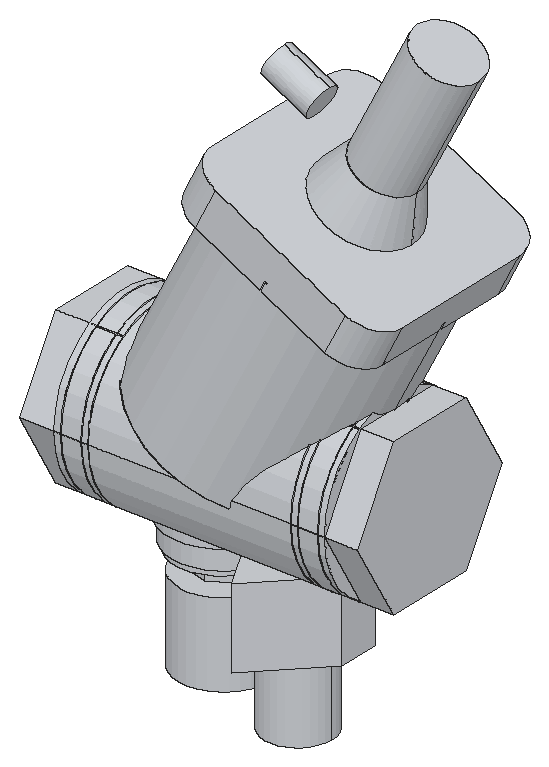
Revit family "PV_Compact_DN025L_ 20-80_FF_měř-vyp_RFA_2018", category Pipe Accessories, Revit 2018
Family settings
  Round Connector Dimension = Use Diameter
  Part Type = Valve - Breaks Into
  Work Plane-Based = No
  Always vertical = Yes
  Cut with Voids When Loaded = No
  Shared = No
Parameters (values of type "PV Compact DN25L FF s měřením a vypouštěním (20-80kPa)")
  magiProductId = "7052257d0cc94620b8f60c4ac85ccd"
  magiProductFamilyId = "88c57951ecb64b5d83dd1d4eb8fc72"
  magiPartTypeId = 304
  isMeasuringValve [instance] = no
  ang2D [instance] = 0.00°
  Z7 = 15 mm
  Z6 = 40.2 mm
  Z5 = 93.8 mm
  Z4 = 80.4 mm
  Z3 = 13.4 mm
  Z2 = 67 mm
  XR3 = 42.5 mm
  XR2 = 37.5 mm
  XR1 = 25.5 mm
  W2D = 15 mm
  VersionID = "2.0/2018.12.13.2/FRESE_PV_COMPACT_PLUG_Q13_001"
  Use Minimum Symbol Size [instance] = no
  URL = "www.hydronic.cz"
  Type Comments = "závitový s vnitřním závitem; s měřicí vsuvkou a vypouštěním; PN25; dpmax=450kPa; -10~+120°C"
  R5 = 5 mm
  R4 = 15 mm
  R3 = 10 mm
  R2 = 26.5 mm
  R1 = 31.5 mm
  QmdConnectorList = "301;D;302;D"
  Productdata [instance] = ""
  PH__ve = -PH  # -23.6 mm
  PH = 23.6 mm
  NL__ve = -NL  # -20 mm
  NL = 20 mm
  Manufacturer = "Hydronic Systems Prague s.r.o."
  MC Use Limits From Balancing Method = no
  MC Throttling Minimum Value = 0
  MC Throttling Maximum Value = 0
  MC Product Code = "53-3247 DN25; FF; nastavitelný rozsah dp=20~80kPa; Q=750~4200l/h;  kvs=8,7"
  MC Pressure Drop Minimum Value = 0.0 Pa
  MC Pressure Drop Maximum Value = 0.0 Pa
  MC Piping Given Pressure Drop [instance] = 0.0 Pa
  M5 = 40 mm
  M4 = 38 mm
  M3 = 32 mm
  M2 = 30 mm
  LP = 50 mm
  LM = 60 mm
  LL__ve = -LL  # -6.3 mm
  LLT__ve = -LLT  # -19.1 mm
  LLT = 19.1 mm
  LL2 = 38 mm
  LL = 6.3 mm
  L3 = 11 mm
  L2D_Min = 30.48 mm
  L2D = 65 mm
  Description = "Nastavitelný regulátor tlakové diference"
  DR1 = yes
  DR0 = no
  DL2 = 72 mm
  D = 25 mm
  CenSd_R2_6 = R2 * cos(30.00°)  # 22.95 mm
  CAT0 = yes
  C0D1 = yes
  C0D0 = no
Types (10, lengths in mm): name | magiProductId | Z6 | Z5 | Z4 | Z3 | Z2 | XR3 | XR2 | XR1 | R2 | R1 | PH__ve | PH | NL__ve | NL | MC Product Code | M5 | M4 | M3 | M2 | LP | LM | LL__ve | LLT__ve | LLT | LL2 | LL | L3 | DL2 | D | CenSd_R2_6
  PV Compact DN15 FF s měřením a vypouštěním (20-60kPa) | "ebd4dd38c61a47e78db1b31e427098" | 24.6 | 57.4 | 49.2 | 8.2 | 41 | 30 | 25 | 13 | 14 | 19 | -22.4 | 22.4 | -15 | 15 | "53-3243 DN15; FF; nastavitelný rozsah dp=20~60kPa; Q=100~1000l/h;  kvs=2,9" | 32.5 | 30.5 | 24.5 | 22.5 | 37.5 | 45 | -5.7 | -14.9 | 14.9 | 32 | 5.7 | 11 | 66 | 15 | 12.124
  PV Compact DN15 FF s měřením a vypouštěním ( 5-30kPa) | "1e13aaf8f1b54965adca1ab26bd771" | 24.6 | 57.4 | 49.2 | 8.2 | 41 | 30 | 25 | 13 | 14 | 19 | -22.4 | 22.4 | -15 | 15 | "53-3242 DN15; FF; nastavitelný rozsah dp=5~30kPa; Q=50~600l/h;  kvs=2,9" | 32.5 | 30.5 | 24.5 | 22.5 | 37.5 | 45 | -5.7 | -14.9 | 14.9 | 32 | 5.7 | 11 | 66 | 15 | 12.124
  PV Compact DN20 FF s měřením a vypouštěním (20-60kPa) | "6d4e29c475624129ae1d8630218e83" | 24.6 | 57.4 | 49.2 | 8.2 | 41 | 30 | 25 | 13 | 14 | 19 | -22.4 | 22.4 | -15.8 | 15.8 | "53-3245 DN20; FF; nastavitelný rozsah dp=20~60kPa; Q=150~2000l/h;  kvs=3,5" | 33.7 | 31.7 | 25.7 | 23.7 | 39.5 | 47.4 | -5.7 | -14.9 | 14.9 | 32 | 5.7 | 11 | 66 | 20 | 12.124
  PV Compact DN20 FF s měřením a vypouštěním ( 5-30kPa) | "3c7d936801344d2a9486b3d5f20c15" | 24.6 | 57.4 | 49.2 | 8.2 | 41 | 30 | 25 | 13 | 14 | 19 | -22.4 | 22.4 | -15.8 | 15.8 | "53-3244 DN20; FF; nastavitelný rozsah dp=5~30kPa; Q=100~1000l/h;  kvs=3,5" | 33.7 | 31.7 | 25.7 | 23.7 | 39.5 | 47.4 | -5.7 | -14.9 | 14.9 | 32 | 5.7 | 11 | 66 | 20 | 12.124
  PV Compact DN25 FF s měřením a vypouštěním ( 5-30kPa) | "40b783a088714ff8af367f7ba18a04" | 25.5 | 59.5 | 51 | 8.5 | 42.5 | 30 | 25 | 13 | 14 | 19 | -22.8 | 22.8 | -16.6 | 16.6 | "53-3251 DN25; FF; nastavitelný rozsah dp=5~30kPa; Q=600~2100l/h;  kvs=4,0" | 34.9 | 32.9 | 26.9 | 24.9 | 41.5 | 49.8 | -5.9 | -16.3 | 16.3 | 34 | 5.9 | 11 | 68 | 25 | 12.124
  PV Compact DN25L FF s měřením a vypouštěním (20-80kPa) | "7052257d0cc94620b8f60c4ac85ccd" | 40.2 | 93.8 | 80.4 | 13.4 | 67 | 42.5 | 37.5 | 25.5 | 26.5 | 31.5 | -23.6 | 23.6 | -20 | 20 | "53-3247 DN25; FF; nastavitelný rozsah dp=20~80kPa; Q=750~4200l/h;  kvs=8,7" | 40 | 38 | 32 | 30 | 50 | 60 | -6.3 | -19.1 | 19.1 | 38 | 6.3 | 11 | 72 | 25 | 22.95
  PV Compact DN25L FF s měřením a vypouštěním ( 5-30kPa) | "006ff7ff77e34fd39e52f3f4c37192" | 40.2 | 93.8 | 80.4 | 13.4 | 67 | 42.5 | 37.5 | 25.5 | 26.5 | 31.5 | -23.6 | 23.6 | -20 | 20 | "53-3246 DN25L; FF; nastavitelný rozsah dp=5~30kPa; Q=600~2500l/h;  kvs=8,7" | 40 | 38 | 32 | 30 | 50 | 60 | -6.3 | -19.1 | 19.1 | 38 | 6.3 | 11 | 72 | 25 | 22.95
  PV Compact DN32 FF s měřením a vypouštěním (20-80kPa) | "e53839f5e58040c69ad69dcf8b7122" | 40.2 | 93.8 | 80.4 | 13.4 | 67 | 42.5 | 37.5 | 25.5 | 26.5 | 31.5 | -24.6 | 24.6 | -20.8 | 20.8 | "53-3248 DN32; FF; nastavitelný rozsah dp=20~80kPa; Q=1000~5000l/h;  kvs=10,1" | 41.2 | 39.2 | 33.2 | 31.2 | 52 | 62.4 | -6.8 | -22.6 | 22.6 | 43 | 6.8 | 25 | 77 | 32 | 22.95
  PV Compact DN40 FF s měřením a vypouštěním (20-80kPa) | "edae53f0ee9843aa9c005a0dbc2db4" | 46.8 | 109.2 | 93.6 | 15.6 | 78 | 42.5 | 37.5 | 25.5 | 26.5 | 31.5 | -25.2 | 25.2 | -27.6 | 27.6 | "53-3249 DN40; FF; nastavitelný rozsah dp=20~80kPa; Q=3000~8000l/h;  kvs=15,8" | 51.4 | 49.4 | 43.4 | 41.4 | 69 | 82.8 | -7.1 | -24.7 | 24.7 | 46 | 7.1 | 25 | 80 | 40 | 22.95
  PV Compact DN50 FF s měřením a vypouštěním (20-80kPa) | "7572286e99104aaeaae4a504f9a6dd" | 46.8 | 109.2 | 93.6 | 15.6 | 78 | 42.5 | 37.5 | 25.5 | 35.25 | 31.5 | -26.4 | 26.4 | -27.6 | 27.6 | "53-3250 DN50; FF; nastavitelný rozsah dp=20~80kPa; Q=5000~11500l/h;  kvs=16,2" | 51.4 | 49.4 | 43.4 | 41.4 | 69 | 82.8 | -7.7 | -28.9 | 28.9 | 52 | 7.7 | 25 | 86 | 50 | 30.527
Reference planes
  plane 1 "Center (Front/Back)": y = 0
  plane 2 "XYPLANE": z = 0
  plane 3 "Center (Left/Right)": x = 0
  plane 4 "408": x = 50
  plane 5 "407": x = -50
  plane 6 "402": z = -72
  plane 7 "213": x = 11
  plane 8 "168": z = -15.1
  plane 9 "167": z = -17.1
  plane 10 "166": z = -23.4
  plane 11 "165": z = -29.7
  plane 12 "164": z = -31.7
  plane 13 "154": z = 0
  plane 14 "152": y = 0
  plane 15 "151": z = -38
  plane 16 "150": x = -11
  plane 17 "75": through (307.08, 0, 685.28) normal (0.891, 0, -0.454)
  plane 18 "74": x = 40
  plane 19 "73": x = 38
  plane 20 "72": x = 32
  plane 21 "71": x = 30
  plane 22 "70": x = -40
  plane 23 "69": x = -38
  plane 24 "68": x = -32
  plane 25 "67": y = 0
  plane 26 "66": through (-666.893, 0, 343.166) normal (0.454, 0, 0.891)
  plane 27 "65": x = -30
  plane 28 "64": through (335.147, 0, 670.979) normal (0.891, 0, -0.454)
  plane 29 "63": through (-637.838, 0, 400.19) normal (0.454, 0, 0.891)
  plane 30 "62": through (363.214, 0, 656.678) normal (0.891, 0, -0.454)
  plane 31 "61": y = 31.5
  plane 32 "60": y = -31.5
  plane 33 "59": through (-631.754, 0, 412.13) normal (0.454, 0, 0.891)
  plane 34 "58": through (-625.671, 0, 424.069) normal (0.454, 0, 0.891)
  plane 35 "57": through (302.625, 0, 687.549) normal (0.891, 0, -0.454)
  plane 36 "56": x = 0
  plane 37 "55": through (-668.255, 0, 340.493) normal (0.454, 0, 0.891)
  plane 38 "102XY": through (-668.255, 0, 340.493) normal (0.454, 0, 0.891)
  plane 39 "102XZ": y = 0
  plane 40 "102YZ": through (340.493, 0, 668.255) normal (0.891, 0, -0.454)
Forms (mm)
  Extrusion 1, solid
    sketch origin (50, -750, 0) x (0, 1, 0) y (0, 0, 1)
      loop
        line (776.5, 0) -> (763.25, 22.95) -> (736.75, 22.95) -> (723.5, 0) -> (736.75, -22.95) -> (763.25, -22.95) -> (776.5, 0)
    from 0 to -20 <- "NL__ve"
  Extrusion 2, solid
    sketch origin (-50, -750, 0) x (0, 1, 0) y (0, 0, 1)
      loop
        line (723.5, 0) -> (736.75, -22.95) -> (763.25, -22.95) -> (776.5, 0) -> (763.25, 22.95) -> (736.75, 22.95) -> (723.5, 0)
    from 0 to 20 <- "NL"
  Extrusion 3, solid, visible <- "C0D1"
    sketch origin (-750, 0, -72) x (1, 0, 0) y (0, 1, 0)
      loop
        circle (761, 0) r 10
    from 0 to 50
  Extrusion 4, solid, visible <- "DR1"
    sketch origin (-750, 0, -23.4) x (1, 0, 0) y (0, 1, 0)
      loop
        line (761, -24.5) -> (778.892, -6) -> (778.892, 6) -> (761, 24.5) -> (750.608, 6) -> (750.608, -6) -> (761, -24.5)
    from 0 to -23.6 <- "PH__ve"
  Extrusion 5, solid, visible <- "DR1"
    sketch origin (-750, 0, -23.4) x (1, 0, 0) y (0, 1, 0)
      loop
        circle (761, 0) r 10
    from 0 to 6.3 <- "LL"
  Blend 6, solid, visible <- "DR1"
    base sketch origin (-750, 0, -15.1) x (1, 0, 0) y (0, 1, 0)
      loop
        circle (761, 0) r 7.5
    top sketch origin (-750, 0, -15.1) x (1, 0, 0) y (0, 1, 0)
      loop
        circle (761, 0) r 10
    from 0 to -2
  Extrusion 7, solid, visible <- "DR1"
    sketch origin (-750, 0, 0) x (1, 0, 0) y (0, 1, 0)
      loop
        circle (761, 0) r 7.5
    from 0 to -19.1 <- "LLT__ve"
  Extrusion 8, solid, visible <- "C0D0"
    sketch origin (-750, 0, -38) x (1, 0, 0) y (0, 1, 0)
      loop
        circle (761, 0) r 6
    from 0 to -25
  Extrusion 9, solid, visible <- "DR0"
    sketch origin (-750, 0, -31.7) x (1, 0, 0) y (0, 1, 0)
      loop
        line (761, -7) -> (774.562, -3.5) -> (774.562, 3.5) -> (761, 7) -> (754.938, 3.5) -> (754.938, -3.5) -> (761, -7)
    from 0 to -6.3 <- "LL__ve"
  Extrusion 10, solid, visible <- "DR0"
    sketch origin (-750, 0, -31.7) x (1, 0, 0) y (0, 1, 0)
      loop
        circle (761, 0) r 7
    from 0 to 2
  Extrusion 11, solid, visible <- "DR0"
    sketch origin (-750, 0, -23.4) x (1, 0, 0) y (0, 1, 0)
      loop
        circle (761, 0) r 9
    from 0 to 6.3 <- "LL"
  Blend 12, solid, visible <- "DR0"
    base sketch origin (-750, 0, -15.1) x (1, 0, 0) y (0, 1, 0)
      loop
        circle (761, 0) r 6.5
    top sketch origin (-750, 0, -15.1) x (1, 0, 0) y (0, 1, 0)
      loop
        circle (761, 0) r 9
    from 0 to -2
  Extrusion 13, solid, visible <- "DR0"
    sketch origin (-750, 0, 0) x (1, 0, 0) y (0, 1, 0)
      loop
        circle (761, 0) r 6.5
    from 0 to -19.1 <- "LLT__ve"
  Extrusion 14, solid, visible <- "DR0"
    sketch origin (-750, 0, 0) x (1, 0, 0) y (0, 1, 0)
      loop
        circle (761, 0) r 6.5
    from 0 to -19.1 <- "LLT__ve"
  Blend 15, solid, visible <- "DR0"
    base sketch origin (-750, 0, -15.1) x (1, 0, 0) y (0, 1, 0)
      loop
        circle (761, 0) r 6.5
    top sketch origin (-750, 0, -15.1) x (1, 0, 0) y (0, 1, 0)
      loop
        circle (761, 0) r 9
    from 0 to -2
  Extrusion 16, solid, visible <- "DR0"
    sketch origin (-750, 0, -23.4) x (1, 0, 0) y (0, 1, 0)
      loop
        circle (761, 0) r 9
    from 0 to 6.3 <- "LL"
  Extrusion 17, solid, visible <- "DR0"
    sketch origin (-750, 0, -29.7) x (1, 0, 0) y (0, 1, 0)
      loop
        circle (761, 0) r 8
    from 0 to 6.3 <- "LL"
  Extrusion 18, solid, visible <- "DR0"
    sketch origin (-750, 0, -31.7) x (1, 0, 0) y (0, 1, 0)
      loop
        circle (761, 0) r 7
    from 0 to 2
  Extrusion 19, solid, visible <- "DR0"
    sketch origin (-750, 0, -31.7) x (1, 0, 0) y (0, 1, 0)
      loop
        line (761, -7) -> (774.562, -3.5) -> (774.562, 3.5) -> (761, 7) -> (754.938, 3.5) -> (754.938, -3.5) -> (761, -7)
    from 0 to -6.3 <- "LL__ve"
  Extrusion 20, solid, visible <- "C0D0"
    sketch origin (-750, 0, -38) x (1, 0, 0) y (0, 1, 0)
      loop
        circle (761, 0) r 6
    from 0 to -25
  Extrusion 21, solid, visible <- "CAT0"
    sketch origin (-750, 0, -38) x (1, 0, 0) y (0, 1, 0)
      loop
        circle (739, 0) r 13.5
    from 0 to -25
  Extrusion 22, solid
    sketch origin (-750, 0, -31.7) x (1, 0, 0) y (0, 1, 0)
      loop
        line (739, -7) -> (745.062, -3.5) -> (745.062, 3.5) -> (739, 7) -> (725.438, 3.5) -> (725.438, -3.5) -> (739, -7)
    from 0 to -6.3 <- "LL__ve"
  Extrusion 23, solid
    sketch origin (-750, 0, -31.7) x (1, 0, 0) y (0, 1, 0)
      loop
        circle (739, 0) r 14.5
    from 0 to 2
  Extrusion 24, solid
    sketch origin (-750, 0, -29.7) x (1, 0, 0) y (0, 1, 0)
      loop
        circle (739, 0) r 15.5
    from 0 to 6.3 <- "LL"
  Extrusion 25, solid
    sketch origin (-750, 0, -23.4) x (1, 0, 0) y (0, 1, 0)
      loop
        circle (739, 0) r 16.5
    from 0 to 6.3 <- "LL"
  Blend 26, solid
    base sketch origin (-750, 0, -15.1) x (1, 0, 0) y (0, 1, 0)
      loop
        circle (739, 0) r 14
    top sketch origin (-750, 0, -15.1) x (1, 0, 0) y (0, 1, 0)
      loop
        circle (739, 0) r 16.5
    from 0 to -2
  Extrusion 27, solid
    sketch origin (-750, 0, 0) x (1, 0, 0) y (0, 1, 0)
      loop
        circle (739, 0) r 14
    from 0 to -19.1 <- "LLT__ve"
  Blend 28, solid, visible <- "CAT0"
    base sketch origin (38, -750, 0) x (0, 1, 0) y (0, 0, 1)
      loop
        circle (750, 0) r 26.5
    top sketch origin (38, -750, 0) x (0, 1, 0) y (0, 0, 1)
      loop
        circle (750, 0) r 26.5
    from 0 to 2
  Extrusion 29, solid, visible <- "CAT0"
    sketch origin (32, -750, 0) x (0, 1, 0) y (0, 0, 1)
      loop
        circle (750, 0) r 26.5
    from 0 to 6
  Blend 30, solid, visible <- "CAT0"
    base sketch origin (30, -750, 0) x (0, 1, 0) y (0, 0, 1)
      loop
        circle (750, 0) r 26.5
    top sketch origin (30, -750, 0) x (0, 1, 0) y (0, 0, 1)
      loop
        circle (750, 0) r 26.5
    from 0 to 2
  Blend 31, solid, visible <- "CAT0"
    base sketch origin (-38, -750, 0) x (0, 1, 0) y (0, 0, 1)
      loop
        circle (750, 0) r 26.5
    top sketch origin (-38, -750, 0) x (0, 1, 0) y (0, 0, 1)
      loop
        circle (750, 0) r 26.5
    from 0 to -2
  Extrusion 32, solid, visible <- "CAT0"
    sketch origin (-38, -750, 0) x (0, 1, 0) y (0, 0, 1)
      loop
        circle (750, 0) r 26.5
    from 0 to 6
  Blend 33, solid, visible <- "CAT0"
    base sketch origin (-32, -750, 0) x (0, 1, 0) y (0, 0, 1)
      loop
        circle (750, 0) r 26.5
    top sketch origin (-32, -750, 0) x (0, 1, 0) y (0, 0, 1)
      loop
        circle (750, 0) r 26.5
    from 0 to 2
  Extrusion 34, solid, visible <- "CAT0"
    sketch origin (-30, -750, 0) x (0, 1, 0) y (0, 0, 1)
      loop
        circle (750, 0) r 26.5
    from 0 to 60 <- "LM"
  Extrusion 35, solid, visible <- "CAT0"
    sketch origin (-666.893, 0, 343.166) x (0.891007, 0, -0.45399) y (0, 1, 0)
      loop
        circle (744, 0) r 31.5
    from 0 to 67 <- "Z2"
  Extrusion 36, solid, visible <- "CAT0"
    sketch origin (-637.838, 0, 400.19) x (0.891007, 0, -0.45399) y (0, 1, 0)
      loop
        arc (722.5, 31.5) -> (715.429, 28.571) -> (712.5, 21.5) r 10
        line (712.5, 21.5) -> (712.5, -21.5)
        arc (712.5, -21.5) -> (715.429, -28.571) -> (722.5, -31.5) r 10
        line (722.5, -31.5) -> (765.5, -31.5)
        arc (765.5, -31.5) -> (772.571, -28.571) -> (775.5, -21.5) r 10
        line (775.5, -21.5) -> (775.5, 21.5)
        arc (775.5, 21.5) -> (772.571, 28.571) -> (765.5, 31.5) r 10
        line (765.5, 31.5) -> (722.5, 31.5)
    from 0 to 13.4 <- "Z3"
  Blend 37, solid, visible <- "CAT0"
    base sketch origin (-631.754, 0, 412.13) x (0.891007, 0, -0.45399) y (0, 1, 0)
      loop
        circle (744, 0) r 15
    top sketch origin (-631.754, 0, 412.13) x (0.891007, 0, -0.45399) y (0, 1, 0)
      loop
        circle (744, 0) r 10
    from 0 to 13.4
  Extrusion 38, solid, visible <- "CAT0"
    sketch origin (-625.671, 0, 424.069) x (0.891007, 0, -0.45399) y (0, 1, 0)
      loop
        circle (744, 0) r 10
    from 0 to 40.2 <- "Z6"
  Extrusion 39, solid, visible <- "CAT0"
    sketch origin (302.625, 0, 687.549) x (-0.45399, 0, -0.891007) y (0, 1, 0)
      loop
        circle (656.2, 0) r 5
    from 0 to 15 <- "Z7"
  Blend 40, solid, visible <- "CAT0"
    base sketch origin (-668.255, 0, 340.493) x (0.891007, 0, -0.45399) y (0, 1, 0)
      loop
        circle (744, 0) r 27.5
    top sketch origin (-668.255, 0, 340.493) x (0.891007, 0, -0.45399) y (0, 1, 0)
      loop
        circle (744, 0) r 31.5
    from 0 to 3
  Extrusion 41, solid, not visible
    sketch origin (-40, -750, 0) x (0, 1, 0) y (0, 0, 1)
      loop
        circle (750, 0) r 22.5
    from 0 to 10
  Extrusion 42, solid, not visible
    sketch origin (40, -750, 0) x (0, 1, 0) y (0, 0, 1)
      loop
        circle (750, 0) r 22.5
    from 0 to -10
Lines and regions (mm)
  reference lines, not visible
    curve 1: circle (2, 2, 0) r 1 normal (0, 0, 1)
  reference lines
    curve 2: line (50, 0, 0) -> (50, -3.5, 6.062)
    curve 3: line (50, 0, 0) -> (50, -7, 0)
    curve 4: line (50, 0, 0) -> (50, -3.5, -6.062)
    curve 5: line (-50, 0, 0) -> (-50, 3.5, 6.062)
    curve 6: line (-50, 0, 0) -> (-50, 7, 0)
    curve 7: line (-50, 0, 0) -> (-50, 3.5, -6.062)
Dimensions and locks
  plane 1 "Center (Front/Back)" to curve 1 = 2 mm
  "LP": plane 36 "56" to plane 4 "408"
  "LP": plane 36 "56" to plane 5 "407"
  "DL2": plane 2 "XYPLANE" to plane 6 "402"
  "L3": plane 3 "Center (Left/Right)" to plane 7 "213"
  locked: plane 9 "167" to plane 8 "168" at 2
  "LL": plane 10 "166" to plane 9 "167"
  "LL": plane 11 "165" to plane 10 "166"
  locked: plane 12 "164" to plane 11 "165" at 2
  "LL": plane 15 "151" to plane 12 "164"
  locked: plane 2 "XYPLANE" to plane 13 "154"
  locked: plane 1 "Center (Front/Back)" to plane 14 "152"
  "LL2": plane 2 "XYPLANE" to plane 15 "151"
  "L3": plane 3 "Center (Left/Right)" to plane 16 "150"
  "XR2": plane 40 "102YZ" to plane 17 "75"
  "M5": plane 3 "Center (Left/Right)" to plane 18 "74"
  "M4": plane 3 "Center (Left/Right)" to plane 19 "73"
  "M3": plane 3 "Center (Left/Right)" to plane 20 "72"
  "M2": plane 3 "Center (Left/Right)" to plane 21 "71"
  "M5": plane 3 "Center (Left/Right)" to plane 22 "70"
  "M4": plane 3 "Center (Left/Right)" to plane 23 "69"
  "M3": plane 3 "Center (Left/Right)" to plane 24 "68"
  locked: plane 14 "152" to plane 25 "67"
  locked: plane 38 "102XY" to plane 26 "66" at 3
  "M2": plane 3 "Center (Left/Right)" to plane 27 "65"
  locked: plane 40 "102YZ" to plane 28 "64" at 6
  "Z2": plane 38 "102XY" to plane 29 "63"
  "XR1": plane 40 "102YZ" to plane 30 "62"
  "R1": plane 14 "152" to plane 31 "61"
  "R1": plane 14 "152" to plane 32 "60"
  "Z4": plane 38 "102XY" to plane 33 "59"
  "Z5": plane 38 "102XY" to plane 34 "58"
  "XR3": plane 40 "102YZ" to plane 35 "57"
  locked: plane 3 "Center (Left/Right)" to plane 36 "56"
  locked: plane 38 "102XY" to plane 37 "55"
  "CenSd_R2_6": curve 2 to Extrusion 1 sketch curve  (x2)
  "CenSd_R2_6": curve 3 to Extrusion 1 sketch curve  (x2)
  "CenSd_R2_6": curve 4 to Extrusion 1 sketch curve  (x2)
  Extrusion 1 sketch curve to Extrusion 1 sketch curve = 0 mm  (x12)
  "CenSd_R2_6": curve 5 to Extrusion 2 sketch curve  (x2)
  "CenSd_R2_6": curve 6 to Extrusion 2 sketch curve  (x2)
  "CenSd_R2_6": curve 7 to Extrusion 2 sketch curve  (x2)
  Extrusion 2 sketch curve to Extrusion 2 sketch curve = 0 mm  (x12)
  Extrusion 4 sketch curve to Extrusion 4 sketch curve = 0 mm  (x12)
  Extrusion 9 sketch curve to Extrusion 9 sketch curve = 0 mm  (x12)
  Extrusion 19 sketch curve to Extrusion 19 sketch curve = 0 mm  (x12)
  Extrusion 22 sketch curve to Extrusion 22 sketch curve = 0 mm  (x12)
  Extrusion 36 sketch curve to Extrusion 36 sketch curve = 0 mm  (x16)
  "R2": radius of Blend 28 sketch curve  (x2)
  "R2": radius of Extrusion 29 sketch curve
  "R2": radius of Blend 30 sketch curve  (x2)
  "R2": radius of Blend 31 sketch curve  (x2)
  "R2": radius of Extrusion 32 sketch curve
  "R2": radius of Blend 33 sketch curve  (x2)
  "R2": radius of Extrusion 34 sketch curve
  "R1": radius of Extrusion 35 sketch curve
  radius of Extrusion 36 sketch curve = 10 mm  (x4)
  "R3": radius of Blend 37 sketch curve
  "R4": radius of Blend 37 sketch curve
  "R3": radius of Extrusion 38 sketch curve
  "R5": radius of Extrusion 39 sketch curve
  "R1": radius of Blend 40 sketch curve
  locked: curve 3 to curve 2 (angle 60.00°)
  locked: curve 4 to curve 3 (angle 60.00°)
  locked: curve 4 to curve 2 (angle 120.00°)
  locked: curve 6 to curve 5 (angle 60.00°)
  locked: curve 7 to curve 6 (angle 60.00°)
  locked: curve 7 to curve 5 (angle 120.00°)
  aligned and locked: level to plane 2 "XYPLANE"
  aligned and locked: plane 13 "154" to curve 4
  aligned and locked: curve 4 to plane 14 "152"
  aligned and locked: plane 13 "154" to curve 7
  aligned and locked: curve 7 to plane 14 "152"
  aligned and locked: plane 7 "213" to Extrusion 3 sketch curve
  aligned and locked: plane 14 "152" to Extrusion 3 sketch curve
  aligned and locked: plane 7 "213" to Extrusion 5 sketch curve
  aligned and locked: plane 14 "152" to Extrusion 5 sketch curve
  aligned and locked: plane 7 "213" to Blend 6 sketch curve  (x2)
  aligned and locked: plane 14 "152" to Blend 6 sketch curve  (x2)
  aligned and locked: Blend 6 to plane 9 "167"
  aligned and locked: plane 7 "213" to Extrusion 7 sketch curve
  aligned and locked: plane 14 "152" to Extrusion 7 sketch curve
  aligned and locked: plane 7 "213" to Extrusion 8 sketch curve
  aligned and locked: plane 14 "152" to Extrusion 8 sketch curve
  aligned and locked: plane 7 "213" to Extrusion 10 sketch curve
  aligned and locked: plane 14 "152" to Extrusion 10 sketch curve
  aligned and locked: plane 7 "213" to Extrusion 11 sketch curve
  aligned and locked: plane 14 "152" to Extrusion 11 sketch curve
  aligned and locked: plane 7 "213" to Blend 12 sketch curve  (x2)
  aligned and locked: plane 14 "152" to Blend 12 sketch curve  (x2)
  aligned and locked: Blend 12 to plane 9 "167"
  aligned and locked: plane 7 "213" to Extrusion 13 sketch curve
  aligned and locked: plane 14 "152" to Extrusion 13 sketch curve
  aligned and locked: plane 7 "213" to Extrusion 14 sketch curve
  aligned and locked: plane 14 "152" to Extrusion 14 sketch curve
  aligned and locked: plane 7 "213" to Blend 15 sketch curve  (x2)
  aligned and locked: plane 14 "152" to Blend 15 sketch curve  (x2)
  aligned and locked: Blend 15 to plane 9 "167"
  aligned and locked: plane 7 "213" to Extrusion 16 sketch curve
  aligned and locked: plane 14 "152" to Extrusion 16 sketch curve
  aligned and locked: plane 7 "213" to Extrusion 17 sketch curve
  aligned and locked: plane 14 "152" to Extrusion 17 sketch curve
  aligned and locked: plane 7 "213" to Extrusion 18 sketch curve
  aligned and locked: plane 14 "152" to Extrusion 18 sketch curve
  aligned and locked: plane 7 "213" to Extrusion 20 sketch curve
  aligned and locked: plane 14 "152" to Extrusion 20 sketch curve
  aligned and locked: plane 14 "152" to Extrusion 21 sketch curve
  aligned and locked: plane 16 "150" to Extrusion 21 sketch curve
  aligned and locked: plane 14 "152" to Extrusion 23 sketch curve
  aligned and locked: plane 16 "150" to Extrusion 23 sketch curve
  aligned and locked: plane 14 "152" to Extrusion 24 sketch curve
  aligned and locked: plane 16 "150" to Extrusion 24 sketch curve
  aligned and locked: plane 14 "152" to Extrusion 25 sketch curve
  aligned and locked: plane 16 "150" to Extrusion 25 sketch curve
  aligned and locked: plane 14 "152" to Blend 26 sketch curve  (x2)
  aligned and locked: plane 16 "150" to Blend 26 sketch curve  (x2)
  aligned and locked: Blend 26 to plane 9 "167"
  aligned and locked: plane 14 "152" to Extrusion 27 sketch curve
  aligned and locked: plane 16 "150" to Extrusion 27 sketch curve
  aligned and locked: plane 13 "154" to Blend 28 sketch curve  (x2)
  aligned and locked: Blend 28 sketch curve to plane 14 "152"  (x2)
  aligned and locked: plane 18 "74" to Blend 28
  aligned and locked: plane 13 "154" to Extrusion 29 sketch curve
  aligned and locked: Extrusion 29 sketch curve to plane 14 "152"
  aligned and locked: plane 13 "154" to Blend 30 sketch curve  (x2)
  aligned and locked: Blend 30 sketch curve to plane 14 "152"  (x2)
  aligned and locked: plane 20 "72" to Blend 30
  aligned and locked: plane 13 "154" to Blend 31 sketch curve  (x2)
  aligned and locked: Blend 31 sketch curve to plane 14 "152"  (x2)
  aligned and locked: Blend 31 to plane 22 "70"
  aligned and locked: plane 13 "154" to Extrusion 32 sketch curve
  aligned and locked: Extrusion 32 sketch curve to plane 14 "152"
  aligned and locked: plane 13 "154" to Blend 33 sketch curve  (x2)
  aligned and locked: Blend 33 sketch curve to plane 14 "152"  (x2)
  aligned and locked: plane 27 "65" to Blend 33
  aligned and locked: plane 13 "154" to Extrusion 34 sketch curve
  aligned and locked: Extrusion 34 sketch curve to plane 14 "152"
  aligned and locked: plane 25 "67" to Extrusion 35 sketch curve
  aligned and locked: Extrusion 35 sketch curve to plane 28 "64"
  aligned and locked: Extrusion 36 sketch curve to plane 17 "75"
  aligned and locked: Extrusion 36 sketch curve to plane 32 "60"
  aligned and locked: Extrusion 36 sketch curve to plane 30 "62"
  aligned and locked: plane 31 "61" to Extrusion 36 sketch curve
  aligned and locked: plane 25 "67" to Blend 37 sketch curve  (x2)
  aligned and locked: Blend 37 sketch curve to plane 28 "64"  (x2)
  aligned and locked: plane 34 "58" to Blend 37
  aligned and locked: plane 25 "67" to Extrusion 38 sketch curve
  aligned and locked: Extrusion 38 sketch curve to plane 28 "64"
  aligned and locked: plane 25 "67" to Extrusion 39 sketch curve
  aligned and locked: plane 34 "58" to Extrusion 39 sketch curve
  aligned and locked: plane 25 "67" to Blend 40 sketch curve  (x2)
  aligned and locked: Blend 40 sketch curve to plane 28 "64"  (x2)
  aligned and locked: plane 26 "66" to Blend 40
  aligned and locked: plane 13 "154" to Extrusion 41 sketch curve
  aligned and locked: Extrusion 41 sketch curve to plane 14 "152"
  aligned and locked: plane 13 "154" to Extrusion 42 sketch curve
  aligned and locked: Extrusion 42 sketch curve to plane 14 "152"
Automatic sketch dimensions
  plane 3 "Center (Left/Right)" to Extrusion 3 sketch curve = 1 mm
  Extrusion 4 sketch curve to plane 7 "213" = 0 mm  (x2)
  plane 3 "Center (Left/Right)" to Extrusion 4 sketch curve = 0.608 mm
  Extrusion 4 sketch curve to plane 21 "71" = 1.108 mm
  plane 32 "60" to Extrusion 4 sketch curve = 7 mm
  plane 1 "Center (Front/Back)" to Extrusion 4 sketch curve = 6 mm  (x2)
  Extrusion 4 sketch curve to plane 1 "Center (Front/Back)" = 6 mm  (x2)
  Extrusion 4 sketch curve to plane 31 "61" = 7 mm
  plane 3 "Center (Left/Right)" to Extrusion 5 sketch curve = 1 mm
  plane 3 "Center (Left/Right)" to Blend 6 sketch curve = 3.5 mm
  plane 3 "Center (Left/Right)" to Blend 6 sketch curve = 1 mm
  plane 3 "Center (Left/Right)" to Extrusion 7 sketch curve = 3.5 mm
  plane 3 "Center (Left/Right)" to Extrusion 8 sketch curve = 5 mm
  Extrusion 9 sketch curve to plane 7 "213" = 0 mm  (x2)
  plane 3 "Center (Left/Right)" to Extrusion 9 sketch curve = 4.938 mm
  Extrusion 9 sketch curve to plane 21 "71" = 5.438 mm
  plane 1 "Center (Front/Back)" to Extrusion 9 sketch curve = 7 mm
  plane 1 "Center (Front/Back)" to Extrusion 9 sketch curve = 3.5 mm  (x2)
  Extrusion 9 sketch curve to plane 1 "Center (Front/Back)" = 3.5 mm  (x2)
  Extrusion 9 sketch curve to Extrusion 9 sketch curve = 3.5 mm
  plane 3 "Center (Left/Right)" to Extrusion 10 sketch curve = 4 mm
  plane 3 "Center (Left/Right)" to Extrusion 11 sketch curve = 2 mm
  plane 3 "Center (Left/Right)" to Blend 12 sketch curve = 4.5 mm
  plane 3 "Center (Left/Right)" to Blend 12 sketch curve = 2 mm
  plane 3 "Center (Left/Right)" to Extrusion 13 sketch curve = 4.5 mm
  plane 3 "Center (Left/Right)" to Extrusion 14 sketch curve = 4.5 mm
  plane 3 "Center (Left/Right)" to Blend 15 sketch curve = 4.5 mm
  plane 3 "Center (Left/Right)" to Blend 15 sketch curve = 2 mm
  plane 3 "Center (Left/Right)" to Extrusion 16 sketch curve = 2 mm
  plane 3 "Center (Left/Right)" to Extrusion 17 sketch curve = 3 mm
  plane 3 "Center (Left/Right)" to Extrusion 18 sketch curve = 4 mm
  Extrusion 19 sketch curve to plane 7 "213" = 0 mm  (x2)
  plane 3 "Center (Left/Right)" to Extrusion 19 sketch curve = 4.938 mm
  Extrusion 19 sketch curve to plane 21 "71" = 5.438 mm
  plane 1 "Center (Front/Back)" to Extrusion 19 sketch curve = 7 mm
  plane 1 "Center (Front/Back)" to Extrusion 19 sketch curve = 3.5 mm  (x2)
  Extrusion 19 sketch curve to plane 1 "Center (Front/Back)" = 3.5 mm  (x2)
  Extrusion 19 sketch curve to Extrusion 19 sketch curve = 3.5 mm
  plane 3 "Center (Left/Right)" to Extrusion 20 sketch curve = 5 mm
  plane 27 "65" to Extrusion 21 sketch curve = 5.5 mm
  Extrusion 22 sketch curve to plane 16 "150" = 0 mm  (x2)
  plane 27 "65" to Extrusion 22 sketch curve = 5.438 mm
  Extrusion 22 sketch curve to plane 3 "Center (Left/Right)" = 4.938 mm
  plane 1 "Center (Front/Back)" to Extrusion 22 sketch curve = 7 mm
  plane 1 "Center (Front/Back)" to Extrusion 22 sketch curve = 3.5 mm  (x2)
  Extrusion 22 sketch curve to plane 1 "Center (Front/Back)" = 3.5 mm  (x2)
  Extrusion 22 sketch curve to Extrusion 22 sketch curve = 3.5 mm
  plane 27 "65" to Extrusion 23 sketch curve = 4.5 mm
  plane 27 "65" to Extrusion 24 sketch curve = 3.5 mm
  plane 27 "65" to Extrusion 25 sketch curve = 2.5 mm
  plane 27 "65" to Blend 26 sketch curve = 5 mm
  plane 27 "65" to Blend 26 sketch curve = 2.5 mm
  plane 27 "65" to Extrusion 27 sketch curve = 5 mm
  plane 17 "75" to Blend 40 sketch curve = 4 mm
  plane 32 "60" to Extrusion 41 sketch curve = 9 mm
  plane 32 "60" to Extrusion 42 sketch curve = 9 mm
  plane 3 "Center (Left/Right)" to curve 1 = 2 mm
  radius of curve 1 = 1 mm
Connectors
  piping at (-40, 0, 0), diameter 25, driven by "D"
    settings: on Extrusion 41, index 1, connector inside diameter 609.6 mm, connector length 0 mm, flow factor 0, pipe flow 0.0 L/s, pressure drop 0.0 Pa, fitting loss kfactor 0, connector angle 0.00°, fixture units 0, engagement length 0 mm, angle of deflection 0.00°, flow configuration 0, flow direction 0, fitting loss method 0, system type 29, joint type 0, gender type 0, connector reference index 2, connector utility 0, adjustable connector no, is connector primary yes, connector description ""
  piping at (40, 0, 0), diameter 25, driven by "D"
    settings: on Extrusion 42, index 2, connector inside diameter 609.6 mm, connector length 0 mm, flow factor 0, pipe flow 0.0 L/s, pressure drop 0.0 Pa, fitting loss kfactor 0, connector angle 0.00°, fixture units 0, engagement length 0 mm, angle of deflection 0.00°, flow configuration 0, flow direction 0, fitting loss method 0, system type 29, joint type 0, gender type 0, connector reference index 1, connector utility 0, adjustable connector no, is connector primary no, connector description ""
